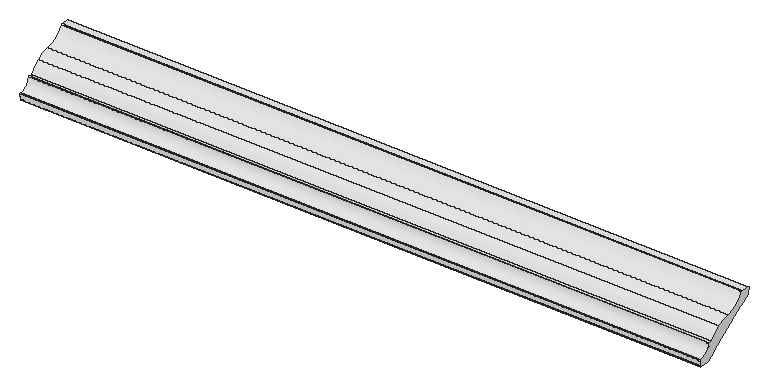
Revit family "13-MOULDING-CADS-139-PCB6CROWN-4-REVIT_Versatex-Generic-Model-6in-CROWN-MOULDING", category Generic Models, host Face, Revit 2026
Family settings
  Host = Face
  Can host rebar = No
  Round Connector Dimension = Use Diameter
  Part Type = Normal
  Cut with Voids When Loaded = No
  Maintain Annotation Orientation = No
  Shared = No
  Room Calculation Point = No
Parameters
  Model = "PCB6\"CROWN"
  Length = 4' - 0"
  Warranty = "https://versatex.com/warranty/"
  URL = "https://versatex.com/"
  Specification = "https://www.arcat.com/company/versatex-45716/spec?coid=45716"
  Sales Information = "https://versatex.com/dealer-locator/"
  Message Manufacturer = "https://versatex.com/contact/"
  Material = Versatex PVC - Smooth
  Manufacturer Website = "https://versatex.com/"
  Manufacturer Phone = "724-857-1111"
  Manufacturer Fax = "724-857-1171"
  Manufacturer Address = "400 Steel Street, Aliquippa, PA 15001"
  Manufacturer = "Versatex"
  Literature = "https://versatex.com/literature/?_sft_literature_category=cads"
  Description = "6\" CROWN MOULDING"
  Default Elevation = 4' - 0"
  Copyright = "© 2024 VERSATEX Building Products, LLC"
Reference planes (in)
  plane 1 "Center (Front/Back)": y = 0
  plane 2: z = 0
  plane 3 "Center (Left/Right)": x = 0
  plane 4: x = 24
  plane 5: x = -24
Forms (in)
  Sweep 1, solid, material "Versatex PVC - Smooth" <- "Material"
    path origin (0, 0, 0) x (1, 0, 0) y (0, 1, 0)
      loop
        line (-24, 0) -> (24, 0)
    profile "Versatex_Profile_6” CROWN MOULDING : Versatex_Profile_6” CROWN MOULDING" origin (0, 0, 0) x (0, 1, 0) y (0, 0, 1)
      loop
        arc (0.71254, 1.17894) -> (0.50262, 0.67615) -> (0.02505, 0.41389) r 0.82496
        arc (0.02505, 0.41389) -> (0.00709, 0.40366) -> (0, 0.38425) r 0.03
        line (0, 0.38425) -> (0, 0.04013) -> (0.03078, -0.00035) -> (0.64064, 0.00035) -> (1.19152, 0.42044) -> (1.20268, 0.50435) -> (3.50299, 2.26636) -> (3.58727, 2.25483) -> (4.1881, 2.68715) -> (4.21333, 3.17253) -> (4.18617, 3.20834) -> (3.69605, 3.17911)
        arc (3.69605, 3.17911) -> (3.68014, 3.17455) -> (3.66908, 3.16224) r 0.03
        arc (3.66908, 3.16224) -> (3.17369, 2.5578) -> (2.46661, 2.22497) r 1.77358
        arc (2.46661, 2.22497) -> (2.02784, 2.06889) -> (1.61607, 1.85135) r 3.23029
        arc (1.61607, 1.85135) -> (1.29109, 1.53844) -> (1.03287, 1.16852) r 2.31811
        line (1.03287, 1.16852) -> (0.75216, 1.20138)
        arc (0.75216, 1.20138) -> (0.72809, 1.19768) -> (0.71254, 1.17894) r 0.03429
Dimensions and locks (in)
  "Length": plane 5 to plane 4
  equal spacing: plane 5, plane 3 "Center (Left/Right)", plane 4, locked at 24 each
  aligned and locked: plane 2 to host face
  aligned and locked: level to host face
Automatic sketch dimensions
  host sketch curve to host sketch curve = 8' - 0"  (x2)
  plane 1 "Center (Front/Back)" to Sweep 1 sketch curve = 0' - 0"
  Sweep 1 sketch curve to plane 5 = 0' - 0"
  Sweep 1 sketch curve to plane 4 = 0' - 0"
